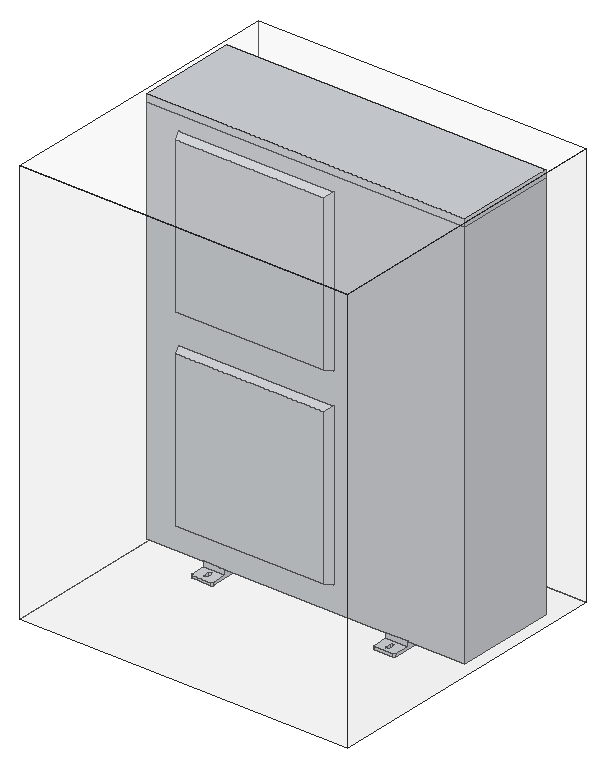
Revit family "puz-dhrmp80_140ka2_60hz", category 機械設備, Revit 2019
Family settings
  丸型コネクタ寸法 = 直径を使用
  パーツ タイプ = 標準
  OmniClass 番号 = 23.75.10.24.21.27.27
  OmniClass タイトル = Split System Air Conditioning Units
  作業面ベース = いいえ
  常に垂直 = はい
  ロード時にボイドで切り取り = いいえ
  共有 = いいえ
  部屋計算ポイント = いいえ
Parameters (values of type "室外機_PUZ-DHRMP80KA2 (-BS,BSG)")
  音響パワーレベル（冷）(dB) = 66
  音響パワーレベル(dB) = 68
  電源種別 = ""
  電源位置Y = 2 mm
  電源位置Z = 1063 mm
  電源位置X = 325 mm
  電圧 = 200 V
  電動機出力_送風機 = 0.12 kW
  電動機出力_圧縮機 = 1.5 kW
  集中コントローラ [instance] = ""
  運転質量 = 0.00 kg
  運転方法 = "冷暖切替"
  質量 = if(製品質量 > 運転質量, 製品質量, 運転質量) * 1.2  # 138.00 kg
  負荷分類 = 1_熱源類
  説明 = "空冷H/P PAC インバータ室外機"
  設計暖房能力 [instance] = 0 kW
  設計冷房能力_顕熱 [instance] = 0 kW
  設計冷房能力 [instance] = 0 kW
  設置方法 = "床置形"
  記号 [instance] = ""
  製造元 = "三菱電機株式会社"
  製品質量 = 115.00 kg
  製品出荷対象 = "国内"
  製品リリース年月 = ""
  製品グループ = ""
  系統 [instance] = ""
  符号 = "PAC"
  積算_科目 = "1 空気調和設備"
  積算_拾い区分 [instance] = ""
  相 = 3
  盤記号 [instance] = ""
  発停方法 = "付属スイッチ"
  特殊仕様 [instance] = ""
  消費電力_暖房 = 1.92 kW
  消費電力_冷房 = 1.77 kW
  消費電力 = if(消費電力_冷房 > 消費電力_暖房, 消費電力_冷房, 消費電力_暖房)  # 1.92 kW
  法定耐用年数 = "6"
  構成品番 = "PUZ-DHRMP80KA2 (-BS,-BSG)"
  極数 = 3
  材質 [instance] = ""
  本体マテリアル = none
  最小電線太さ_mm2 = 1.6
  最大電流値 = 0 A
  暖房能力 = 8 kW
  推奨ブレーカー容量 = 30 A
  据付ピッチ1 = 0 mm
  形式 = "パッケージ形 室外機"
  形名 = PUZ-ZRMP-3 : PUZ-ZRMP112KA11
  幹線記号 [instance] = ""
  始動方式 = "インバータ始動方式"
  呼称 = "パッケージ形空気調和機_室外機"
  周波数 = 60 Hz
  価格 = 0
  ドレン　位置Z = 23 mm
  ドレン　位置Y = 176 mm
  ドレン　位置X = 45 mm
  アンカーボルト位置Y = 370 mm
  アンカーボルト位置X = 600 mm
  参照している仕様書等のバージョン = "公共建築物標準仕様書（機械設備工事編）平成31年度版"
  分類コード = "50053003126100"
  分類グループ = ""
  冷房能力 = 7.1 kW
  冷媒管（ガス）位置X = 483 mm
  冷媒管（液）位置X = 423 mm
  冷媒管（液）位置Y = 290 mm
  冷媒管（ガス）位置Y = 234 mm
  冷媒管長 [instance] = 0 mm
  冷媒管径符号 = "Bd"
  冷媒管径 = 100.00 mm
  冷媒管位置Z = 450 mm
  冷媒管位置Y = (冷媒管（液）位置Y + 冷媒管（ガス）位置Y) / 2  # 262 mm
  冷媒管位置X = (冷媒管（液）位置X + 冷媒管（ガス）位置X) / 2  # 453 mm
  冷媒液管径 = 9.52 mm
  冷媒ガス管径 = 15.88 mm
  企業コード = "108420"
  付属品 [instance] = ""
  仕様書バージョン = "Version1.0"
  ユニット数 = 1
  Model = ""
  ドレン管径 = 33.00 mm
  サービススペース = yes
  コメント [instance] = ""
  ケーブル種類1 = ""
  【値が 0 の項目は組合せ形名にてご確認ください】 = ""
  Width = 1050 mm
  Version = ""
  Uniclass2015Version = "Systems v1.9"
  Uniclass2015Title = "Split coil remote air cooled condensing units"
  Uniclass2015Code = "Pr_70_65_03_84"
  URL = "https://www.mitsubishielectric.co.jp/ldg/wink/ssl/top.do"
  SpecificationReference = ""
  SpecificationDescription = ""
  Revision = ""
  ProductInformation = ""
  OmniClassCode = "23-33 17 13 11"
  IfcTypeProduct = ""
  IfcProduct = ""
  IfcExportType = "AIRCONDITIONINGUNIT"
  IfcExportAs = "IfcUnitaryEquipmentType"
  Height = 1338 mm
  Depth = 330 mm
  Clearance Top = 0 mm
  Clearance Right = 15 mm
  Clearance Left = 15 mm
  Clearance Front = 500 mm
  Clearance Bottom = 0 mm
  Clearance Back = 150 mm
  COP = 0
  Author = "三菱電機株式会社"
  APF = 0
Reference planes
  plane 1 "中心(正面/背面)": y = 74
  plane 2: z = 0
  plane 3 "中心(左/右)": x = 830
  plane 4 "右": x = 1355
  plane 5 "左": x = 305
  plane 6 "背面": y = 239
  plane 7 "正面": y = -91
  plane 8 "上部": z = 1338
  plane 9 "Clearanse Top": z = 1338
  plane 10 "SS_back": y = 389
  plane 11 "SS_front": y = -591
  plane 12 "SS_left": x = 290
  plane 13 "SS_right": x = 1370
  plane 14: z = 0
  plane 15: y = -89
  plane 16: x = 1155
  plane 17: z = 1063
  plane 18: y = -87
  plane 19: y = -23
  plane 20: x = 1283
  plane 21: z = 450
  plane 22: z = 452
  plane 23: y = 63
  plane 24: x = 350
  plane 25: z = 25
  plane 26: z = 23
  plane 27: x = 530
  plane 28: x = 1130
  plane 29: y = 259
  plane 30: y = -111
Forms (mm)
  Extrusion 1, solid, detail levels fine
    sketch origin (0, -91, 0) x (1, 0, 0) y (0, 0, 1)
      loop
        circle (1155, 1063) r 13.5
    from -4 to -2
  Extrusion 2, solid, detail levels fine
    sketch origin (-1437.329, -1524, 54) x (-1, 0, 0) y (0, -1, 0)
      loop
        circle (-2720.329, -1501) r 50
    from 396 to 398
  Extrusion 3, solid, detail levels fine
    sketch origin (-1437.329, -1524, 54) x (-1, 0, 0) y (0, -1, 0)
      loop
        circle (-1787.329, -1587) r 16.5
    from -31 to -29
Lines and regions (mm)
  model lines, not visible
    curve 1: line (460, 178.667, 1289.179) -> (460, 297.73, 1289.179)
    curve 2: line (460, 178.667, 1056.056) -> (460, 178.667, 1289.179)
    curve 3: line (460, 297.73, 1056.056) -> (460, 178.667, 1056.056)
    curve 4: line (460, 297.73, 1289.179) -> (460, 297.73, 1056.056)
    curve 5: line (460, 47.598, 1289.179) -> (460, 166.661, 1289.179)
    curve 6: line (460, 47.598, 1056.056) -> (460, 47.598, 1289.179)
    curve 7: line (460, 166.661, 1056.056) -> (460, 47.598, 1056.056)
    curve 8: line (460, 166.661, 1289.179) -> (460, 166.661, 1056.056)
    curve 9: line (460, -83.471, 1289.179) -> (460, 35.592, 1289.179)
    curve 10: line (460, -83.471, 1056.056) -> (460, -83.471, 1289.179)
    curve 11: line (460, 35.592, 1056.056) -> (460, -83.471, 1056.056)
    curve 12: line (460, 35.592, 1289.179) -> (460, 35.592, 1056.056)
    curve 13: line (460, -150.779, 1289.179) -> (460, -95.75, 1289.179)
    curve 14: line (460, -150.779, 1056.056) -> (460, -150.779, 1289.179)
    curve 15: line (460, -95.75, 1056.056) -> (460, -150.779, 1056.056)
    curve 16: line (460, -95.75, 1289.179) -> (460, -95.75, 1056.056)
    curve 17: line (460, -150.779, 1283.175) -> (460, -132.596, 1283.175)
    curve 18: line (460, -150.779, 1062.059) -> (460, -150.779, 1283.175)
    curve 19: line (460, -132.596, 1062.059) -> (460, -150.779, 1062.059)
    curve 20: line (460, -132.596, 1283.175) -> (460, -132.596, 1062.059)
    curve 21: line (460, 178.667, 1046.051) -> (460, 297.73, 1046.051)
    curve 22: line (460, 178.667, 812.928) -> (460, 178.667, 1046.051)
    curve 23: line (460, 297.73, 812.928) -> (460, 178.667, 812.928)
    curve 24: line (460, 297.73, 1046.051) -> (460, 297.73, 812.928)
    curve 25: line (460, 47.598, 1046.051) -> (460, 166.661, 1046.051)
    curve 26: line (460, 47.598, 812.928) -> (460, 47.598, 1046.051)
    curve 27: line (460, 166.661, 812.928) -> (460, 47.598, 812.928)
    curve 28: line (460, 166.661, 1046.051) -> (460, 166.661, 812.928)
    curve 29: line (460, -83.471, 1046.051) -> (460, 35.592, 1046.051)
    curve 30: line (460, -83.471, 812.928) -> (460, -83.471, 1046.051)
    curve 31: line (460, 35.592, 812.928) -> (460, -83.471, 812.928)
    curve 32: line (460, 35.592, 1046.051) -> (460, 35.592, 812.928)
    curve 33: line (460, -150.779, 1046.051) -> (460, -95.75, 1046.051)
    curve 34: line (460, -150.779, 812.928) -> (460, -150.779, 1046.051)
    curve 35: line (460, -95.75, 812.928) -> (460, -150.779, 812.928)
    curve 36: line (460, -95.75, 1046.051) -> (460, -95.75, 812.928)
    curve 37: line (460, -150.779, 1040.048) -> (460, -132.596, 1040.048)
    curve 38: line (460, -150.779, 818.931) -> (460, -150.779, 1040.048)
    curve 39: line (460, -132.596, 818.931) -> (460, -150.779, 818.931)
    curve 40: line (460, -132.596, 1040.048) -> (460, -132.596, 818.931)
    curve 41: line (460, 178.667, 802.923) -> (460, 297.73, 802.923)
    curve 42: line (460, 178.667, 569.8) -> (460, 178.667, 802.923)
    curve 43: line (460, 297.73, 569.8) -> (460, 178.667, 569.8)
    curve 44: line (460, 297.73, 802.923) -> (460, 297.73, 569.8)
    curve 45: line (460, 47.598, 802.923) -> (460, 166.661, 802.923)
    curve 46: line (460, 47.598, 569.8) -> (460, 47.598, 802.923)
    curve 47: line (460, 166.661, 569.8) -> (460, 47.598, 569.8)
    curve 48: line (460, 166.661, 802.923) -> (460, 166.661, 569.8)
    curve 49: line (460, -83.471, 802.923) -> (460, 35.592, 802.923)
    curve 50: line (460, -83.471, 569.8) -> (460, -83.471, 802.923)
    curve 51: line (460, 35.592, 569.8) -> (460, -83.471, 569.8)
    curve 52: line (460, 35.592, 802.923) -> (460, 35.592, 569.8)
    curve 53: line (460, -150.779, 802.923) -> (460, -95.75, 802.923)
    curve 54: line (460, -150.779, 569.8) -> (460, -150.779, 802.923)
    curve 55: line (460, -95.75, 569.8) -> (460, -150.779, 569.8)
    curve 56: line (460, -95.75, 802.923) -> (460, -95.75, 569.8)
    curve 57: line (460, -150.779, 796.92) -> (460, -132.596, 796.92)
    curve 58: line (460, -150.779, 575.803) -> (460, -150.779, 796.92)
    curve 59: line (460, -132.596, 575.803) -> (460, -150.779, 575.803)
    curve 60: line (460, -132.596, 796.92) -> (460, -132.596, 575.803)
    curve 61: line (460, 178.667, 559.795) -> (460, 297.73, 559.795)
    curve 62: line (460, 178.667, 326.672) -> (460, 178.667, 559.795)
    curve 63: line (460, 297.73, 326.672) -> (460, 178.667, 326.672)
    curve 64: line (460, 297.73, 559.795) -> (460, 297.73, 326.672)
    curve 65: line (460, 47.598, 559.795) -> (460, 166.661, 559.795)
    curve 66: line (460, 47.598, 326.672) -> (460, 47.598, 559.795)
    curve 67: line (460, 166.661, 326.672) -> (460, 47.598, 326.672)
    curve 68: line (460, 166.661, 559.795) -> (460, 166.661, 326.672)
    curve 69: line (460, -83.471, 559.795) -> (460, 35.592, 559.795)
    curve 70: line (460, -83.471, 326.672) -> (460, -83.471, 559.795)
    curve 71: line (460, 35.592, 326.672) -> (460, -83.471, 326.672)
    curve 72: line (460, 35.592, 559.795) -> (460, 35.592, 326.672)
    curve 73: line (460, -150.779, 559.795) -> (460, -95.75, 559.795)
    curve 74: line (460, -150.779, 326.672) -> (460, -150.779, 559.795)
    curve 75: line (460, -95.75, 326.672) -> (460, -150.779, 326.672)
    curve 76: line (460, -95.75, 559.795) -> (460, -95.75, 326.672)
    curve 77: line (460, -150.779, 553.792) -> (460, -132.596, 553.792)
    curve 78: line (460, -150.779, 332.675) -> (460, -150.779, 553.792)
    curve 79: line (460, -132.596, 332.675) -> (460, -150.779, 332.675)
    curve 80: line (460, -132.596, 553.792) -> (460, -132.596, 332.675)
    curve 81: line (460, 178.667, 316.667) -> (460, 297.73, 316.667)
    curve 82: line (460, 178.667, 83.544) -> (460, 178.667, 316.667)
    curve 83: line (460, 297.73, 83.544) -> (460, 178.667, 83.544)
    curve 84: line (460, 297.73, 316.667) -> (460, 297.73, 83.544)
    curve 85: line (460, 47.598, 316.667) -> (460, 166.661, 316.667)
    curve 86: line (460, 47.598, 83.544) -> (460, 47.598, 316.667)
    curve 87: line (460, 166.661, 83.544) -> (460, 47.598, 83.544)
    curve 88: line (460, 166.661, 316.667) -> (460, 166.661, 83.544)
    curve 89: line (460, -83.471, 316.667) -> (460, 35.592, 316.667)
    curve 90: line (460, -83.471, 83.544) -> (460, -83.471, 316.667)
    curve 91: line (460, 35.592, 83.544) -> (460, -83.471, 83.544)
    curve 92: line (460, 35.592, 316.667) -> (460, 35.592, 83.544)
    curve 93: line (460, -150.779, 316.667) -> (460, -95.75, 316.667)
    curve 94: line (460, -150.779, 83.544) -> (460, -150.779, 316.667)
    curve 95: line (460, -95.75, 83.544) -> (460, -150.779, 83.544)
    curve 96: line (460, -95.75, 316.667) -> (460, -95.75, 83.544)
    curve 97: line (460, -150.779, 310.664) -> (460, -132.596, 310.664)
    curve 98: line (460, -150.779, 89.547) -> (460, -150.779, 310.664)
    curve 99: line (460, -132.596, 89.547) -> (460, -150.779, 89.547)
    curve 100: line (460, -132.596, 310.664) -> (460, -132.596, 89.547)
Dimensions and locks
  equal spacing: plane 7 "正面", plane 1 "中心(正面/背面)", plane 6 "背面"
  "Depth": plane 7 "正面" to plane 6 "背面"
  "Width": plane 5 "左" to plane 4 "右"
  equal spacing: plane 5 "左", plane 3 "中心(左/右)", plane 4 "右"
  "Clearance Left": plane 12 "SS_left" to plane 5 "左"
  "Clearance Right": plane 4 "右" to plane 13 "SS_right"
  "Clearance Back": plane 6 "背面" to plane 10 "SS_back"
  "Clearance Front": plane 11 "SS_front" to plane 7 "正面"
  "Height": plane 8 "上部" to level
  "Clearance Top": plane 9 "Clearanse Top" to plane 8 "上部"
  "Clearance Bottom": level to plane 14
  "電源位置X": plane 3 "中心(左/右)" to plane 16
  "電源位置Y": plane 7 "正面" to plane 15
  "電源位置Z": plane 17 to level
  locked: plane 15 to plane 18 at 2
  "冷媒管位置X": plane 3 "中心(左/右)" to plane 20
  "冷媒管位置Y": plane 19 to plane 6 "背面"
  "冷媒管位置Z": plane 21 to level
  locked: plane 22 to plane 21 at 2
  "ドレン　位置X": plane 5 "左" to plane 24
  "ドレン　位置Y": plane 23 to plane 6 "背面"
  locked: plane 25 to plane 26 at 2
  "ドレン　位置Z": plane 26 to level
  equal spacing: plane 30, plane 1 "中心(正面/背面)", plane 29
  "アンカーボルト位置Y": plane 30 to plane 29
  equal spacing: plane 27, plane 3 "中心(左/右)", plane 28
  "アンカーボルト位置X": plane 27 to plane 28
  radius of Extrusion 1 sketch curve = 13.5 mm
  "冷媒管径": diameter of Extrusion 2 sketch curve
  "ドレン管径": diameter of Extrusion 3 sketch curve
  aligned and locked: level to plane 2
  aligned and locked: plane 10 "SS_back" to nested 1  (x2)
  aligned and locked: plane 13 "SS_right" to nested 1
  aligned and locked: plane 12 "SS_left" to nested 1  (x2)
  aligned and locked: nested 1 to plane 13 "SS_right"
  aligned and locked: plane 11 "SS_front" to nested 1
  aligned and locked: plane 9 "Clearanse Top" to nested 1
  aligned and locked: plane 1 "中心(正面/背面)" to nested 2
  aligned and locked: plane 3 "中心(左/右)" to nested 2
  aligned and locked: plane 14 to nested 1
  aligned and locked: plane 17 to Extrusion 1 sketch curve
  aligned and locked: plane 16 to Extrusion 1 sketch curve
  aligned and locked: Extrusion 1 to plane 18
  aligned and locked: plane 15 to Extrusion 1
  aligned and locked: plane 19 to Extrusion 2 sketch curve
  aligned and locked: plane 20 to Extrusion 2 sketch curve
  aligned and locked: plane 22 to Extrusion 2
  aligned and locked: Extrusion 2 to plane 21
  aligned and locked: plane 24 to Extrusion 3 sketch curve
  aligned and locked: plane 23 to Extrusion 3 sketch curve
  aligned and locked: plane 25 to Extrusion 3
  aligned and locked: Extrusion 3 to plane 26
  aligned and locked: plane 27 to nested 3
  aligned and locked: plane 29 to nested 3
Nested families
  nested 1: "サービススペース" at (830, -101, 669), visible <- "サービススペース", type "サービススペース"
    with Width 1080 mm, Height 1338 mm, Depth 980 mm
  nested 2: "PUZ-ZRMP-3" at (830, 74, 0), type <- "形名", type "PUZ-ZRMP112KA11"
  nested 3: "固定点" at (530, -111, 0), type "固定点"
    with W 600 mm, D 370 mm
Connectors
  piping at (1283, -23, 450), diameter 100, driven by "冷媒管径", driven by "冷媒管径符号"
    settings: on Extrusion 2, index 1, connector inside diameter 609.60 mm, connector length 0 mm, flow factor 0, pipe flow 0.0 L/s, pressure drop 0.0 Pa, fitting loss kfactor 0, connector angle 0.00°, fixture units 0, engagement length 0 mm, angle of deflection 0.00°, flow configuration 1, flow direction 2, fitting loss method 4, system type 7, joint type 0, gender type 0, connector reference index -1, connector utility 0, adjustable connector no, is connector primary yes, connector description "Bd"
  electrical at (1155, -89, 1063), driven by "極数", driven by "負荷分類", driven by "電圧", driven by "消費電力"
    settings: on Extrusion 1, index 2, voltage 200 V, apparent load 1920 VA, apparent load phase1 0 VA, apparent load phase2 0 VA, apparent load phase3 0 VA, power factor 1, load classification "1_熱源類", number of poles 3, system type 30, power factor state 1, is connector primary yes, connector utility no, sub classification motor no, connector description ""
Definition of nested family "サービススペース"
  Parameters (values of type "サービススペース")
    Width [instance] = 500 mm
    Height [instance] = 500 mm
    Depth [instance] = 500 mm
  Reference planes
    plane 1 "中心(正面/背面)": y = 0
    plane 2: z = 0
    plane 3 "中心(左/右)": x = 0
    plane 4: y = -250
    plane 5: x = 250
    plane 6: y = 250
    plane 7: x = -250
    plane 8: z = 250
    plane 9: z = -250
  Forms (mm)
    Extrusion 1, solid
      sketch origin (-638.939, 0, 72.39) x (1, 0, 0) y (0, 1, 0)
        loop
          line (388.939, 250) -> (388.939, -250) -> (888.939, -250) -> (888.939, 250) -> (388.939, 250)
      from -322.39 to 177.61
  Lines and regions (mm)
    symbolic lines
      curve 1: line (-250, 0, 250) -> (250, 0, 250)
      curve 2: line (-250, 0, -250) -> (-250, 0, 250)
      curve 3: line (250, 0, -250) -> (-250, 0, -250)
      curve 4: line (250, 0, 250) -> (250, 0, -250)
      curve 5: line (0, -250, 250) -> (0, 250, 250)
      curve 6: line (0, -250, -250) -> (0, -250, 250)
      curve 7: line (0, 250, -250) -> (0, -250, -250)
      curve 8: line (0, 250, 250) -> (0, 250, -250)
      curve 9: line (-250, 250, 0) -> (250, 250, 0)
      curve 10: line (-250, -250, 0) -> (-250, 250, 0)
      curve 11: line (250, -250, 0) -> (-250, -250, 0)
      curve 12: line (250, 250, 0) -> (250, -250, 0)
  Dimensions and locks
    equal spacing: plane 7, plane 3 "中心(左/右)", plane 5
    equal spacing: plane 4, plane 1 "中心(正面/背面)", plane 6
    "Depth": plane 4 to plane 6
    "Width": plane 7 to plane 5
    equal spacing: plane 8, plane 2, plane 9
    "Height": plane 8 to plane 9
    aligned and locked: plane 9 to curve 3
    aligned and locked: plane 7 to curve 2
    aligned and locked: curve 4 to plane 5
    aligned and locked: plane 5 to Extrusion 1
    aligned and locked: Extrusion 1 to plane 7
    aligned and locked: Extrusion 1 to plane 9
    aligned and locked: plane 8 to Extrusion 1
    aligned and locked: plane 9 to curve 7
  Automatic sketch dimensions
    plane 4 to Extrusion 1 sketch curve = 0 mm
    Extrusion 1 sketch curve to plane 7 = 0 mm
    Extrusion 1 sketch curve to plane 5 = 0 mm
    plane 6 to Extrusion 1 sketch curve = 0 mm
    curve 2 to plane 8 = 0 mm
    plane 4 to curve 11 = 0 mm
    curve 11 to plane 7 = 0 mm
    curve 11 to plane 5 = 0 mm
    plane 6 to curve 10 = 0 mm
    curve 7 to plane 4 = 0 mm
    curve 7 to plane 6 = 0 mm
    curve 6 to plane 8 = 0 mm
Definition of nested family "PUZ-ZRMP-3"
  Parameters (values of type "PUZ-ZRMP112KA11")
    配線取出口サイズ = 27 mm
    配線取出口-Z = 1063 mm
    配線取出口-Y = 325 mm
    配線取出口-X = 325 mm
    液配管サイズ = 100 mm
    高さ = 1338 mm
    換気-W = 362 mm
    換気-H2 = 632 mm
    換気-H1 = 369 mm
    換気-D = 25 mm
    奥行き = 330 mm
    吊りボルト_H = 0 mm
    吊りボルト-φ = 12 mm
    冷媒配管サイズ = 9.52 mm
    冷媒液管径-Z = 450 mm
    冷媒液管径-Y = 290 mm
    冷媒液管径-X = 423 mm
    冷媒ガス管径-Z = 421 mm
    冷媒ガス管径-Y = 234 mm
    冷媒ガス管径-X = 483 mm
    吊りボルト-W = 600 mm
    マテリアル = none
    ドレン配管サイズ = 33 mm
    ドレン管径-Z = 0 mm
    ドレン管径-Y = 154 mm
    ドレン管径-X = 480 mm
    タイプ3 = yes
    タイプ2 = no
    タイプ1 = no
    ガス配管サイズ = 15.88 mm
    吊りボルト-D = 370 mm
    幅さ = 1050 mm
    a = 幅さ / 2  # 525 mm
  Reference planes
    plane 1 "中心(正面/背面)": y = 0
    plane 2: z = 0
    plane 3 "中心(左/右)": x = 0
    plane 4: z = 1338
    plane 5: x = -525
    plane 6: x = 525
    plane 7: y = 165
    plane 8: y = -165
    plane 9: x = 587
    plane 10: y = -105
    plane 11: y = 5
    plane 12: z = 1313
    plane 13: x = -545
    plane 14: x = -300
    plane 15: x = 300
    plane 16: y = 185
    plane 17: y = -185
    plane 18: x = 335
    plane 19: x = 265
    plane 20: x = -265
    plane 21: x = -335
    plane 22: y = 204
    plane 23: y = -218
    plane 24: z = 8.5
    plane 25: z = 25
    plane 26: z = 23
    plane 27: z = 1333
    plane 28: y = -40
    plane 29: y = 40
    plane 30: y = -30
    plane 31: y = 30
    plane 32: z = 1318
    plane 33: z = 55
    plane 34: z = 225
    plane 35: z = 570
    plane 36: x = 535
    plane 37: x = 556
    plane 38: y = -190
    plane 39: x = -163
    plane 40: z = 369
    plane 41: x = 91
    plane 42: x = -417
    plane 43: z = 633
    plane 44: z = 105
    plane 45: x = -407
    plane 46: x = 81
    plane 47: z = 623
    plane 48: z = 115
    plane 49: y = 115
    plane 50: y = -115
    plane 51: x = -480
    plane 52: y = -11
    plane 53: x = 483
    plane 54: x = 325
    plane 55: y = -160
    plane 56: y = -125
    plane 57: y = -69
    plane 58: x = 423
    plane 59: z = 421
    plane 60: z = 450
    plane 61: z = 1063
    plane 62: y = -110
    plane 63: z = 550
    plane 64: z = 550
    plane 65: x = 453
    plane 66: y = -97
    plane 67 "グループ": x = -525
    plane 68: z = 1338
    plane 69: z = 943
    plane 70: z = 1001
    plane 71: z = 1265
    plane 72: z = 737
    plane 73: z = 1255
    plane 74: z = 747
    plane 75: y = 125
    plane 76: x = -370
    plane 77: x = -210
    plane 78: x = -50
    plane 79: x = 110
  Forms (mm)
    Extrusion 1, solid, visible <- "タイプ3", detail levels fine
      sketch origin (-1437.329, -1524, 1338) x (-1, 0, 0) y (0, -1, 0)
        loop
          line (-1102.329, -1689) -> (-1102.329, -1359) -> (-1172.329, -1359) -> (-1172.329, -1689) -> (-1102.329, -1689)
        loop
          line (-1702.329, -1689) -> (-1702.329, -1359) -> (-1772.329, -1359) -> (-1772.329, -1689) -> (-1702.329, -1689)
      from -1338 to -1313
    Extrusion 2, solid, material <- "マテリアル", visible <- "タイプ3", detail levels fine
      sketch origin (-1437.329, -1524, 1338) x (-1, 0, 0) y (0, -1, 0)
        loop
          line (-1962.329, -1689) -> (-912.329, -1689) -> (-912.329, -1359) -> (-1962.329, -1359) -> (-1962.329, -1689)
      from -1313 to -25
    Extrusion 3, solid, material <- "マテリアル", visible <- "タイプ3", detail levels fine
      sketch origin (-1437.329, -1524, 1338) x (-1, 0, 0) y (0, -1, 0)
        loop
          line (-912.329, -1689) -> (-912.329, -1359) -> (-1962.329, -1359) -> (-1962.329, -1689) -> (-912.329, -1689)
      from -25 to 0
    Blend 4, solid, material <- "マテリアル", visible <- "タイプ3", detail levels fine
      base sketch origin (0, 0, 0) x (1, 0, 0) y (0, 0, 1)
        loop
          line (-417, 633) -> (-417, 105) -> (91, 105) -> (91, 633) -> (-417, 633)
      top sketch origin (0, 0, 0) x (1, 0, 0) y (0, 0, 1)
        loop
          line (-407, 623) -> (-407, 115) -> (81, 115) -> (81, 623) -> (-407, 623)
      from 165 to 190
    Extrusion 5, solid, material <- "マテリアル", visible <- "タイプ3", detail levels fine
      sketch origin (-1437.329, -1524, 1338) x (-1, 0, 0) y (0, -1, 0)
        loop
          circle (-1920.329, -1455) r 7.94
      from -917 to -788
    Extrusion 6, solid, material <- "マテリアル", visible <- "タイプ3", detail levels fine
      sketch origin (-1437.329, -1524, 1338) x (-1, 0, 0) y (0, -1, 0)
        loop
          circle (-1860.329, -1399) r 4.76
      from -888 to -788
    Extrusion 7, solid, material <- "マテリアル", visible <- "タイプ3", detail levels fine
      sketch origin (1480.036, -190, 1200) x (1, 0, 0) y (0, 0, 1)
        loop
          circle (-1155.036, -137) r 13.5
      from -80 to -30
    Extrusion 8, solid, material <- "マテリアル", visible <- "タイプ3", detail levels fine
      sketch origin (-1437.329, -1524, 1338) x (-1, 0, 0) y (0, -1, 0)
        loop
          circle (-1890.329, -1427) r 50
      from -888 to -788
    Blend 9, solid, material <- "マテリアル", visible <- "タイプ3", detail levels fine
      base sketch origin (1480.036, -190, 1200) x (1, 0, 0) y (0, 0, 1)
        loop
          line (-1897.036, 65) -> (-1897.036, -463) -> (-1389.036, -463) -> (-1389.036, 65) -> (-1897.036, 65)
      top sketch origin (1480.036, -190, 1200) x (1, 0, 0) y (0, 0, 1)
        loop
          line (-1887.036, 55) -> (-1887.036, -453) -> (-1399.036, -453) -> (-1399.036, 55) -> (-1887.036, 55)
      from -25 to 0
    Extrusion 10, solid, visible <- "タイプ3", detail levels fine
      sketch origin (-1437.329, -1524, 1338) x (-1, 0, 0) y (0, -1, 0)
        loop
          line (-1102.329, -1728) -> (-1102.329, -1689) -> (-1172.329, -1689) -> (-1172.329, -1728) -> (-1143.329, -1728) -> (-1143.329, -1709)
          arc (-1143.329, -1709) -> (-1137.329, -1703) -> (-1131.329, -1709) r 6
          line (-1131.329, -1709) -> (-1131.329, -1728) -> (-1102.329, -1728)
        loop
          line (-1102.329, -1359) -> (-1102.329, -1311)
          arc (-1102.329, -1311) -> (-1103.794, -1307.464) -> (-1107.329, -1306) r 5
          line (-1107.329, -1306) -> (-1167.329, -1306)
          arc (-1167.329, -1306) -> (-1170.865, -1307.464) -> (-1172.329, -1311) r 5
          line (-1172.329, -1311) -> (-1172.329, -1359) -> (-1102.329, -1359)
        loop
          arc (-1143.329, -1339) -> (-1137.329, -1345) -> (-1131.329, -1339) r 6
          line (-1131.329, -1339) -> (-1131.329, -1324)
          arc (-1131.329, -1324) -> (-1137.329, -1318) -> (-1143.329, -1324) r 6
          line (-1143.329, -1324) -> (-1143.329, -1339)
        loop
          line (-1772.329, -1728) -> (-1743.329, -1728) -> (-1743.329, -1709)
          arc (-1743.329, -1709) -> (-1737.329, -1703) -> (-1731.329, -1709) r 6
          line (-1731.329, -1709) -> (-1731.329, -1728) -> (-1702.329, -1728) -> (-1702.329, -1689) -> (-1772.329, -1689) -> (-1772.329, -1728)
        loop
          line (-1772.329, -1359) -> (-1702.329, -1359) -> (-1702.329, -1311)
          arc (-1702.329, -1311) -> (-1703.794, -1307.464) -> (-1707.329, -1306) r 5
          line (-1707.329, -1306) -> (-1767.329, -1306)
          arc (-1767.329, -1306) -> (-1770.865, -1307.464) -> (-1772.329, -1311) r 5
          line (-1772.329, -1311) -> (-1772.329, -1359)
        loop
          line (-1731.329, -1339) -> (-1731.329, -1324)
          arc (-1731.329, -1324) -> (-1737.329, -1318) -> (-1743.329, -1324) r 6
          line (-1743.329, -1324) -> (-1743.329, -1339)
          arc (-1743.329, -1339) -> (-1737.329, -1345) -> (-1731.329, -1339) r 6
      from -1338 to -1329.5
    Extrusion 11, solid, material <- "マテリアル", visible <- "タイプ3", detail levels fine
      sketch origin (-1437.329, -1524, 1338) x (-1, 0, 0) y (0, -1, 0)
        loop
          circle (-957.329, -1513) r 16.5
        loop
          circle (-1067.329, -1649) r 16.5
        loop
          circle (-1227.329, -1649) r 16.5
        loop
          circle (-1387.329, -1649) r 16.5
        loop
          circle (-1547.329, -1649) r 16.5
      from -1315 to -1313
  Cuts and joins
    joined: Extrusion 1, Extrusion 10
  Lines and regions (mm)
    Masking region 1, visible <- "タイプ3", detail levels coarse+medium
      outline origin (-1437.329, -1524, 1338) x (-1, 0, 0) y (0, -1, 0)
        loop
          line (-1962.329, -1689) -> (-1772.329, -1689) -> (-1772.329, -1728) -> (-1702.329, -1728) -> (-1702.329, -1689) -> (-1172.329, -1689) -> (-1172.329, -1728) -> (-1102.329, -1728) -> (-1102.329, -1689) -> (-912.329, -1689) -> (-912.329, -1359) -> (-1020.329, -1359) -> (-1030.329, -1334) -> (-1102.329, -1334) -> (-1102.329, -1306) -> (-1172.329, -1306) -> (-1172.329, -1334) -> (-1518.329, -1334) -> (-1528.329, -1359) -> (-1702.329, -1359) -> (-1702.329, -1306) -> (-1772.329, -1306) -> (-1772.329, -1359) -> (-1962.329, -1359) -> (-1962.329, -1689)
    model lines, visible <- "タイプ3", detail levels fine
      curve 1: line (447, 115, 1338) -> (-445, 115, 1338)
      curve 2: line (-445, -115, 1338) -> (447, -115, 1338)
      curve 3: line (-445, -45, 1338) -> (447, -45, 1338)
      curve 4: line (447, 45, 1338) -> (-445, 45, 1338)
      curve 5: line (-445, -35, 1338) -> (447, -35, 1338)
      curve 6: line (447, 35, 1338) -> (-445, 35, 1338)
      curve 7: line (-445, 115, 1338) -> (-445, 45, 1338)
      curve 8: line (447, -115, 1338) -> (447, -45, 1338)
      curve 9: line (-445, 35, 1338) -> (-445, -35, 1338)
      curve 10: line (-445, -45, 1338) -> (-445, -115, 1338)
      curve 11: line (447, -35, 1338) -> (447, 35, 1338)
      curve 12: line (447, 45, 1338) -> (447, 115, 1338)
      curve 13: line (479, -115, 1338) -> (479, 115, 1338)
      curve 14: line (462, -115, 1338) -> (462, 115, 1338)
      curve 15: line (-475, 115, 1338) -> (-475, -115, 1338)
      curve 16: line (-460, 115, 1338) -> (-460, -115, 1338)
      curve 17: line (-460, 115, 1338) -> (-475, 115, 1338)
      curve 18: line (-460, -115, 1338) -> (-475, -115, 1338)
      curve 19: line (462, 115, 1338) -> (479, 115, 1338)
      curve 20: line (462, -115, 1338) -> (479, -115, 1338)
      curve 21: line (-407, -190, 416.5) -> (81, -190, 416.5)
      curve 22: line (81, -190, 321.5) -> (-407, -190, 321.5)
      curve 23: line (-407, -190, 511.5) -> (81, -190, 511.5)
      curve 24: line (-407, -190, 606.5) -> (81, -190, 606.5)
      curve 25: line (81, -190, 226.5) -> (-407, -190, 226.5)
      curve 26: line (81, -190, 131.5) -> (-407, -190, 131.5)
      curve 27: line (-389.571, -190, 623) -> (-389.571, -190, 115)
      curve 28: line (63.571, -190, 115) -> (63.571, -190, 623)
      curve 29: line (-372.143, -190, 623) -> (-372.143, -190, 115)
      curve 30: line (-354.714, -190, 623) -> (-354.714, -190, 115)
      curve 31: line (-337.286, -190, 623) -> (-337.286, -190, 115)
      curve 32: line (-319.857, -190, 623) -> (-319.857, -190, 115)
      curve 33: line (-302.429, -190, 623) -> (-302.429, -190, 115)
      curve 34: line (-285, -190, 623) -> (-285, -190, 115)
      curve 35: line (-267.571, -190, 623) -> (-267.571, -190, 115)
      curve 36: line (-250.143, -190, 623) -> (-250.143, -190, 115)
      curve 37: line (-232.714, -190, 623) -> (-232.714, -190, 115)
      curve 38: line (-215.286, -190, 623) -> (-215.286, -190, 115)
      curve 39: line (-197.857, -190, 623) -> (-197.857, -190, 115)
      curve 40: line (-180.429, -190, 623) -> (-180.429, -190, 115)
      curve 41: line (-163, -190, 623) -> (-163, -190, 115)
      curve 42: line (-145.571, -190, 623) -> (-145.571, -190, 115)
      curve 43: line (-128.143, -190, 623) -> (-128.143, -190, 115)
      curve 44: line (-110.714, -190, 623) -> (-110.714, -190, 115)
      curve 45: line (-93.286, -190, 623) -> (-93.286, -190, 115)
      curve 46: line (-75.857, -190, 623) -> (-75.857, -190, 115)
      curve 47: line (-58.429, -190, 623) -> (-58.429, -190, 115)
      curve 48: line (-41, -190, 623) -> (-41, -190, 115)
      curve 49: line (-23.571, -190, 623) -> (-23.571, -190, 115)
      curve 50: line (-6.143, -190, 623) -> (-6.143, -190, 115)
      curve 51: line (11.286, -190, 623) -> (11.286, -190, 115)
      curve 52: line (28.714, -190, 623) -> (28.714, -190, 115)
      curve 53: line (46.143, -190, 623) -> (46.143, -190, 115)
      curve 54: line (-525, -100, 87) -> (-525, -60, 87)
      curve 55: line (-525, -100, 277) -> (-525, -100, 87)
      curve 56: line (-525, -60, 277) -> (-525, -100, 277)
      curve 57: line (-525, -60, 87) -> (-525, -60, 277)
      curve 58: line (-525, -100, 292) -> (-525, -60, 292)
      curve 59: line (-525, -100, 482) -> (-525, -100, 292)
      curve 60: line (-525, -60, 482) -> (-525, -100, 482)
      curve 61: line (-525, -60, 292) -> (-525, -60, 482)
      curve 62: line (-525, -100, 497) -> (-525, -60, 497)
      curve 63: line (-525, -100, 687) -> (-525, -100, 497)
      curve 64: line (-525, -60, 687) -> (-525, -100, 687)
      curve 65: line (-525, -60, 497) -> (-525, -60, 687)
      curve 66: line (-525, -100, 702) -> (-525, -60, 702)
      curve 67: line (-525, -100, 892) -> (-525, -100, 702)
      curve 68: line (-525, -60, 892) -> (-525, -100, 892)
      curve 69: line (-525, -60, 702) -> (-525, -60, 892)
      curve 70: line (-525, 60, 87) -> (-525, 100, 87)
      curve 71: line (-525, 60, 277) -> (-525, 60, 87)
      curve 72: line (-525, 100, 277) -> (-525, 60, 277)
      curve 73: line (-525, 100, 87) -> (-525, 100, 277)
      curve 74: line (-525, -46.667, 87) -> (-525, -6.667, 87)
      curve 75: line (-525, -46.667, 277) -> (-525, -46.667, 87)
      curve 76: line (-525, -6.667, 277) -> (-525, -46.667, 277)
      curve 77: line (-525, -6.667, 87) -> (-525, -6.667, 277)
      curve 78: line (-525, 6.667, 87) -> (-525, 46.667, 87)
      curve 79: line (-525, 6.667, 277) -> (-525, 6.667, 87)
      curve 80: line (-525, 46.667, 277) -> (-525, 6.667, 277)
      curve 81: line (-525, 46.667, 87) -> (-525, 46.667, 277)
      curve 82: line (-525, 60, 292) -> (-525, 100, 292)
      curve 83: line (-525, 60, 482) -> (-525, 60, 292)
      curve 84: line (-525, 100, 482) -> (-525, 60, 482)
      curve 85: line (-525, 100, 292) -> (-525, 100, 482)
      curve 86: line (-525, 60, 702) -> (-525, 100, 702)
      curve 87: line (-525, 60, 892) -> (-525, 60, 702)
      curve 88: line (-525, 100, 892) -> (-525, 60, 892)
      curve 89: line (-525, 100, 702) -> (-525, 100, 892)
      curve 90: line (-525, -46.667, 292) -> (-525, -6.667, 292)
      curve 91: line (-525, -46.667, 482) -> (-525, -46.667, 292)
      curve 92: line (-525, -6.667, 482) -> (-525, -46.667, 482)
      curve 93: line (-525, -6.667, 292) -> (-525, -6.667, 482)
      curve 94: line (-525, -46.667, 497) -> (-525, -6.667, 497)
      curve 95: line (-525, -46.667, 687) -> (-525, -46.667, 497)
      curve 96: line (-525, -6.667, 687) -> (-525, -46.667, 687)
      curve 97: line (-525, -6.667, 497) -> (-525, -6.667, 687)
      curve 98: line (-525, -46.667, 702) -> (-525, -6.667, 702)
      curve 99: line (-525, -46.667, 892) -> (-525, -46.667, 702)
      curve 100: line (-525, -6.667, 892) -> (-525, -46.667, 892)
      curve 101: line (-525, -6.667, 702) -> (-525, -6.667, 892)
      curve 102: line (-525, 6.667, 292) -> (-525, 46.667, 292)
      curve 103: line (-525, 6.667, 482) -> (-525, 6.667, 292)
      curve 104: line (-525, 46.667, 482) -> (-525, 6.667, 482)
      curve 105: line (-525, 46.667, 292) -> (-525, 46.667, 482)
      curve 106: line (-525, 6.667, 497) -> (-525, 46.667, 497)
      curve 107: line (-525, 6.667, 687) -> (-525, 6.667, 497)
      curve 108: line (-525, 46.667, 687) -> (-525, 6.667, 687)
      curve 109: line (-525, 46.667, 497) -> (-525, 46.667, 687)
      curve 110: line (-525, 6.667, 702) -> (-525, 46.667, 702)
      curve 111: line (-525, 6.667, 892) -> (-525, 6.667, 702)
      curve 112: line (-525, 46.667, 892) -> (-525, 6.667, 892)
      curve 113: line (-525, 46.667, 702) -> (-525, 46.667, 892)
      curve 114: line (-525, -100, 907) -> (-525, -60, 907)
      curve 115: line (-525, -100, 1097) -> (-525, -100, 907)
      curve 116: line (-525, -60, 1097) -> (-525, -100, 1097)
      curve 117: line (-525, -60, 907) -> (-525, -60, 1097)
      curve 118: line (-525, 60, 907) -> (-525, 100, 907)
      curve 119: line (-525, 60, 1097) -> (-525, 60, 907)
      curve 120: line (-525, 100, 1097) -> (-525, 60, 1097)
      curve 121: line (-525, 100, 907) -> (-525, 100, 1097)
      curve 122: line (-525, -46.667, 907) -> (-525, -6.667, 907)
      curve 123: line (-525, -46.667, 1097) -> (-525, -46.667, 907)
      curve 124: line (-525, -6.667, 1097) -> (-525, -46.667, 1097)
      curve 125: line (-525, -6.667, 907) -> (-525, -6.667, 1097)
      curve 126: line (-525, 6.667, 907) -> (-525, 46.667, 907)
      curve 127: line (-525, 6.667, 1097) -> (-525, 6.667, 907)
      curve 128: line (-525, 46.667, 1097) -> (-525, 6.667, 1097)
      curve 129: line (-525, 46.667, 907) -> (-525, 46.667, 1097)
      curve 130: line (-525, -100, 1112) -> (-525, -60, 1112)
      curve 131: line (-525, -100, 1302) -> (-525, -100, 1112)
      curve 132: line (-525, -60, 1302) -> (-525, -100, 1302)
      curve 133: line (-525, -60, 1112) -> (-525, -60, 1302)
      curve 134: line (-525, 60, 1112) -> (-525, 100, 1112)
      curve 135: line (-525, 60, 1302) -> (-525, 60, 1112)
      curve 136: line (-525, 100, 1302) -> (-525, 60, 1302)
      curve 137: line (-525, 100, 1112) -> (-525, 100, 1302)
      curve 138: line (-525, -46.667, 1112) -> (-525, -6.667, 1112)
      curve 139: line (-525, -46.667, 1302) -> (-525, -46.667, 1112)
      curve 140: line (-525, -6.667, 1302) -> (-525, -46.667, 1302)
      curve 141: line (-525, -6.667, 1112) -> (-525, -6.667, 1302)
      curve 142: line (-525, 6.667, 1112) -> (-525, 46.667, 1112)
      curve 143: line (-525, 6.667, 1302) -> (-525, 6.667, 1112)
      curve 144: line (-525, 46.667, 1302) -> (-525, 6.667, 1302)
      curve 145: line (-525, 46.667, 1112) -> (-525, 46.667, 1302)
      curve 303: line (81, -190, 1238.5) -> (-407, -190, 1238.5)
      curve 304: line (-407, -190, 763.5) -> (81, -190, 763.5)
      curve 305: line (-389.571, -190, 1255) -> (-389.571, -190, 747)
      curve 306: line (81, -190, 858.5) -> (-407, -190, 858.5)
      curve 307: line (81, -190, 1143.5) -> (-407, -190, 1143.5)
      curve 308: line (81, -190, 1048.5) -> (-407, -190, 1048.5)
      curve 309: line (-407, -190, 953.5) -> (81, -190, 953.5)
      curve 310: line (-372.143, -190, 1255) -> (-372.143, -190, 747)
      curve 311: line (-354.714, -190, 1255) -> (-354.714, -190, 747)
      curve 312: line (-337.286, -190, 1255) -> (-337.286, -190, 747)
      curve 313: line (-319.857, -190, 1255) -> (-319.857, -190, 747)
      curve 314: line (-302.429, -190, 1255) -> (-302.429, -190, 747)
      curve 315: line (-285, -190, 1255) -> (-285, -190, 747)
      curve 316: line (-267.571, -190, 1255) -> (-267.571, -190, 747)
      curve 317: line (-250.143, -190, 1255) -> (-250.143, -190, 747)
      curve 318: line (-232.714, -190, 1255) -> (-232.714, -190, 747)
      curve 319: line (-215.286, -190, 1255) -> (-215.286, -190, 747)
      curve 320: line (-197.857, -190, 1255) -> (-197.857, -190, 747)
      curve 321: line (-180.429, -190, 1255) -> (-180.429, -190, 747)
      curve 322: line (-163, -190, 1255) -> (-163, -190, 747)
      curve 323: line (-145.571, -190, 1255) -> (-145.571, -190, 747)
      curve 324: line (-128.143, -190, 1255) -> (-128.143, -190, 747)
      curve 325: line (-110.714, -190, 1255) -> (-110.714, -190, 747)
      curve 326: line (-93.286, -190, 1255) -> (-93.286, -190, 747)
      curve 327: line (-75.857, -190, 1255) -> (-75.857, -190, 747)
      curve 328: line (-58.429, -190, 1255) -> (-58.429, -190, 747)
      curve 329: line (-41, -190, 1255) -> (-41, -190, 747)
      curve 330: line (-23.571, -190, 1255) -> (-23.571, -190, 747)
      curve 331: line (-6.143, -190, 1255) -> (-6.143, -190, 747)
      curve 332: line (11.286, -190, 1255) -> (11.286, -190, 747)
      curve 333: line (28.714, -190, 1255) -> (28.714, -190, 747)
      curve 334: line (46.143, -190, 1255) -> (46.143, -190, 747)
      curve 335: line (63.571, -190, 1255) -> (63.571, -190, 747)
    model lines, visible <- "タイプ3", not visible, detail levels fine
      curve 146: line (-525, -100, 907) -> (-525, -60, 907)
      curve 147: line (-525, -100, 1097) -> (-525, -100, 907)
      curve 148: line (-525, -60, 1097) -> (-525, -100, 1097)
      curve 149: line (-525, -60, 907) -> (-525, -60, 1097)
      curve 150: line (-525, 60, 907) -> (-525, 100, 907)
      curve 151: line (-525, 60, 1097) -> (-525, 60, 907)
      curve 152: line (-525, 100, 1097) -> (-525, 60, 1097)
      curve 153: line (-525, 100, 907) -> (-525, 100, 1097)
      curve 154: line (-525, -46.667, 907) -> (-525, -6.667, 907)
      curve 155: line (-525, -46.667, 1097) -> (-525, -46.667, 907)
      curve 156: line (-525, -6.667, 1097) -> (-525, -46.667, 1097)
      curve 157: line (-525, -6.667, 907) -> (-525, -6.667, 1097)
      curve 158: line (-525, 6.667, 907) -> (-525, 46.667, 907)
      curve 159: line (-525, 6.667, 1097) -> (-525, 6.667, 907)
      curve 160: line (-525, 46.667, 1097) -> (-525, 6.667, 1097)
      curve 161: line (-525, 46.667, 907) -> (-525, 46.667, 1097)
      curve 162: line (-525, -100, 1112) -> (-525, -60, 1112)
      curve 163: line (-525, -100, 1302) -> (-525, -100, 1112)
      curve 164: line (-525, -60, 1302) -> (-525, -100, 1302)
      curve 165: line (-525, -60, 1112) -> (-525, -60, 1302)
      curve 166: line (-525, 60, 1112) -> (-525, 100, 1112)
      curve 167: line (-525, 60, 1302) -> (-525, 60, 1112)
      curve 168: line (-525, 100, 1302) -> (-525, 60, 1302)
      curve 169: line (-525, 100, 1112) -> (-525, 100, 1302)
      curve 170: line (-525, -46.667, 1112) -> (-525, -6.667, 1112)
      curve 171: line (-525, -46.667, 1302) -> (-525, -46.667, 1112)
      curve 172: line (-525, -6.667, 1302) -> (-525, -46.667, 1302)
      curve 173: line (-525, -6.667, 1112) -> (-525, -6.667, 1302)
      curve 174: line (-525, 6.667, 1112) -> (-525, 46.667, 1112)
      curve 175: line (-525, 6.667, 1302) -> (-525, 6.667, 1112)
      curve 176: line (-525, 46.667, 1302) -> (-525, 6.667, 1302)
      curve 177: line (-525, 46.667, 1112) -> (-525, 46.667, 1302)
      curve 194: line (-525, -100, 87) -> (-525, -60, 87)
      curve 195: line (-525, -100, 277) -> (-525, -100, 87)
      curve 196: line (-525, -60, 277) -> (-525, -100, 277)
      curve 197: line (-525, -60, 87) -> (-525, -60, 277)
      curve 198: line (-525, -100, 292) -> (-525, -60, 292)
      curve 199: line (-525, -100, 482) -> (-525, -100, 292)
      curve 200: line (-525, -60, 482) -> (-525, -100, 482)
      curve 201: line (-525, -60, 292) -> (-525, -60, 482)
      curve 202: line (-525, -100, 497) -> (-525, -60, 497)
      curve 203: line (-525, -100, 687) -> (-525, -100, 497)
      curve 204: line (-525, -60, 687) -> (-525, -100, 687)
      curve 205: line (-525, -60, 497) -> (-525, -60, 687)
      curve 206: line (-525, -100, 702) -> (-525, -60, 702)
      curve 207: line (-525, -100, 892) -> (-525, -100, 702)
      curve 208: line (-525, -60, 892) -> (-525, -100, 892)
      curve 209: line (-525, -60, 702) -> (-525, -60, 892)
      curve 210: line (-525, 60, 87) -> (-525, 100, 87)
      curve 211: line (-525, 60, 277) -> (-525, 60, 87)
      curve 212: line (-525, 100, 277) -> (-525, 60, 277)
      curve 213: line (-525, 100, 87) -> (-525, 100, 277)
      curve 214: line (-525, -46.667, 87) -> (-525, -6.667, 87)
      curve 215: line (-525, -46.667, 277) -> (-525, -46.667, 87)
      curve 216: line (-525, -6.667, 277) -> (-525, -46.667, 277)
      curve 217: line (-525, -6.667, 87) -> (-525, -6.667, 277)
      curve 218: line (-525, 6.667, 87) -> (-525, 46.667, 87)
      curve 219: line (-525, 6.667, 277) -> (-525, 6.667, 87)
      curve 220: line (-525, 46.667, 277) -> (-525, 6.667, 277)
      curve 221: line (-525, 46.667, 87) -> (-525, 46.667, 277)
      curve 222: line (-525, 60, 292) -> (-525, 100, 292)
      curve 223: line (-525, 60, 482) -> (-525, 60, 292)
      curve 224: line (-525, 100, 482) -> (-525, 60, 482)
      curve 225: line (-525, 100, 292) -> (-525, 100, 482)
      curve 226: line (-525, 60, 702) -> (-525, 100, 702)
      curve 227: line (-525, 60, 892) -> (-525, 60, 702)
      curve 228: line (-525, 100, 892) -> (-525, 60, 892)
      curve 229: line (-525, 100, 702) -> (-525, 100, 892)
      curve 230: line (-525, -46.667, 292) -> (-525, -6.667, 292)
      curve 231: line (-525, -46.667, 482) -> (-525, -46.667, 292)
      curve 232: line (-525, -6.667, 482) -> (-525, -46.667, 482)
      curve 233: line (-525, -6.667, 292) -> (-525, -6.667, 482)
      curve 234: line (-525, -46.667, 497) -> (-525, -6.667, 497)
      curve 235: line (-525, -46.667, 687) -> (-525, -46.667, 497)
      curve 236: line (-525, -6.667, 687) -> (-525, -46.667, 687)
      curve 237: line (-525, -6.667, 497) -> (-525, -6.667, 687)
      curve 238: line (-525, -46.667, 702) -> (-525, -6.667, 702)
      curve 239: line (-525, -46.667, 892) -> (-525, -46.667, 702)
      curve 240: line (-525, -6.667, 892) -> (-525, -46.667, 892)
      curve 241: line (-525, -6.667, 702) -> (-525, -6.667, 892)
      curve 242: line (-525, 6.667, 292) -> (-525, 46.667, 292)
      curve 243: line (-525, 6.667, 482) -> (-525, 6.667, 292)
      curve 244: line (-525, 46.667, 482) -> (-525, 6.667, 482)
      curve 245: line (-525, 46.667, 292) -> (-525, 46.667, 482)
      curve 246: line (-525, 6.667, 497) -> (-525, 46.667, 497)
      curve 247: line (-525, 6.667, 687) -> (-525, 6.667, 497)
      curve 248: line (-525, 46.667, 687) -> (-525, 6.667, 687)
      curve 249: line (-525, 46.667, 497) -> (-525, 46.667, 687)
      curve 250: line (-525, 6.667, 702) -> (-525, 46.667, 702)
      curve 251: line (-525, 6.667, 892) -> (-525, 6.667, 702)
      curve 252: line (-525, 46.667, 892) -> (-525, 6.667, 892)
      curve 253: line (-525, 46.667, 702) -> (-525, 46.667, 892)
    model lines, visible <- "タイプ2", not visible
      curve 178: line (-600, -100, 33.5) -> (-600, -60, 33.5)
      curve 179: line (-600, -100, 73.5) -> (-600, -100, 33.5)
      curve 180: line (-600, -60, 73.5) -> (-600, -100, 73.5)
      curve 181: line (-600, -60, 33.5) -> (-600, -60, 73.5)
      curve 182: line (-600, 60, 33.5) -> (-600, 100, 33.5)
      curve 183: line (-600, 60, 73.5) -> (-600, 60, 33.5)
      curve 184: line (-600, 100, 73.5) -> (-600, 60, 73.5)
      curve 185: line (-600, 100, 33.5) -> (-600, 100, 73.5)
      curve 186: line (-509, -46.667, 33.5) -> (-509, -6.667, 33.5)
      curve 187: line (-509, -46.667, 73.5) -> (-509, -46.667, 33.5)
      curve 188: line (-509, -6.667, 73.5) -> (-509, -46.667, 73.5)
      curve 189: line (-509, -6.667, 33.5) -> (-509, -6.667, 73.5)
      curve 190: line (-509, 6.667, 33.5) -> (-509, 46.667, 33.5)
      curve 191: line (-509, 6.667, 73.5) -> (-509, 6.667, 33.5)
      curve 192: line (-509, 46.667, 73.5) -> (-509, 6.667, 73.5)
      curve 193: line (-509, 46.667, 33.5) -> (-509, 46.667, 73.5)
      curve 287: line (-404.5, -100, 33.5) -> (-404.5, -60, 33.5)
      curve 288: line (-404.5, -100, 73.5) -> (-404.5, -100, 33.5)
      curve 289: line (-404.5, -60, 73.5) -> (-404.5, -100, 73.5)
      curve 290: line (-404.5, -60, 33.5) -> (-404.5, -60, 73.5)
      curve 291: line (-404.5, 60, 33.5) -> (-404.5, 100, 33.5)
      curve 292: line (-404.5, 60, 73.5) -> (-404.5, 60, 33.5)
      curve 293: line (-404.5, 100, 73.5) -> (-404.5, 60, 73.5)
      curve 294: line (-404.5, 100, 33.5) -> (-404.5, 100, 73.5)
      curve 295: line (-404.5, -46.667, 33.5) -> (-404.5, -6.667, 33.5)
      curve 296: line (-404.5, -46.667, 73.5) -> (-404.5, -46.667, 33.5)
      curve 297: line (-404.5, -6.667, 73.5) -> (-404.5, -46.667, 73.5)
      curve 298: line (-404.5, -6.667, 33.5) -> (-404.5, -6.667, 73.5)
      curve 299: line (-404.5, 6.667, 33.5) -> (-404.5, 46.667, 33.5)
      curve 300: line (-404.5, 6.667, 73.5) -> (-404.5, 6.667, 33.5)
      curve 301: line (-404.5, 46.667, 73.5) -> (-404.5, 6.667, 73.5)
      curve 302: line (-404.5, 46.667, 33.5) -> (-404.5, 46.667, 73.5)
    model lines, not visible
      curve 254: line (-338.5, -173.2, 372.5) -> (149.5, -173.2, 372.5)
      curve 255: line (149.5, -173.2, 277.5) -> (-338.5, -173.2, 277.5)
      curve 256: line (-338.5, -173.2, 467.5) -> (149.5, -173.2, 467.5)
      curve 257: line (-338.5, -173.2, 562.5) -> (149.5, -173.2, 562.5)
      curve 258: line (149.5, -173.2, 182.5) -> (-338.5, -173.2, 182.5)
      curve 259: line (149.5, -173.2, 87.5) -> (-338.5, -173.2, 87.5)
      curve 260: line (-321.071, -173.2, 579) -> (-321.071, -173.2, 71)
      curve 261: line (132.071, -173.2, 71) -> (132.071, -173.2, 579)
      curve 262: line (-303.643, -173.2, 579) -> (-303.643, -173.2, 71)
      curve 263: line (-286.214, -173.2, 579) -> (-286.214, -173.2, 71)
      curve 264: line (-268.786, -173.2, 579) -> (-268.786, -173.2, 71)
      curve 265: line (-251.357, -173.2, 579) -> (-251.357, -173.2, 71)
      curve 266: line (-233.929, -173.2, 579) -> (-233.929, -173.2, 71)
      curve 267: line (-216.5, -173.2, 579) -> (-216.5, -173.2, 71)
      curve 268: line (-199.071, -173.2, 579) -> (-199.071, -173.2, 71)
      curve 269: line (-181.643, -173.2, 579) -> (-181.643, -173.2, 71)
      curve 270: line (-164.214, -173.2, 579) -> (-164.214, -173.2, 71)
      curve 271: line (-146.786, -173.2, 579) -> (-146.786, -173.2, 71)
      curve 272: line (-129.357, -173.2, 579) -> (-129.357, -173.2, 71)
      curve 273: line (-111.929, -173.2, 579) -> (-111.929, -173.2, 71)
      curve 274: line (-94.5, -173.2, 579) -> (-94.5, -173.2, 71)
      curve 275: line (-77.071, -173.2, 579) -> (-77.071, -173.2, 71)
      curve 276: line (-59.643, -173.2, 579) -> (-59.643, -173.2, 71)
      curve 277: line (-42.214, -173.2, 579) -> (-42.214, -173.2, 71)
      curve 278: line (-24.786, -173.2, 579) -> (-24.786, -173.2, 71)
      curve 279: line (-7.357, -173.2, 579) -> (-7.357, -173.2, 71)
      curve 280: line (10.071, -173.2, 579) -> (10.071, -173.2, 71)
      curve 281: line (27.5, -173.2, 579) -> (27.5, -173.2, 71)
      curve 282: line (44.929, -173.2, 579) -> (44.929, -173.2, 71)
      curve 283: line (62.357, -173.2, 579) -> (62.357, -173.2, 71)
      curve 284: line (79.786, -173.2, 579) -> (79.786, -173.2, 71)
      curve 285: line (97.214, -173.2, 579) -> (97.214, -173.2, 71)
      curve 286: line (114.643, -173.2, 579) -> (114.643, -173.2, 71)
    symbolic lines, visible <- "タイプ3"
      curve 336: line (-344.073, 165, 1338) -> (-525, 165, 1338)
      curve 337: line (-525, 165, 1338) -> (-525, -165, 1338)
      curve 338: line (-525, -165, 1338) -> (-323.037, -165, 1338)
      curve 339: line (-417, -165, 1338) -> (-407, -190, 1338)
      curve 340: line (-407, -190, 1338) -> (-357.105, -190, 1338)
      curve 341: line (-335, -190, 1338) -> (-335, -218, 1338)
      curve 342: line (-335, -218, 1338) -> (-265, -218, 1338)
      curve 343: line (-265, -218, 1338) -> (-265, -190, 1338)
      curve 344: line (-357.105, -190, 1338) -> (81, -190, 1338)
      curve 345: line (81, -190, 1338) -> (91, -165, 1338)
      curve 346: line (-323.037, -165, 1338) -> (300.043, -165, 1338)
      curve 347: line (265, -165, 1338) -> (265, -218, 1338)
      curve 348: line (265, -218, 1338) -> (335, -218, 1338)
      curve 349: line (335, -218, 1338) -> (335, -165, 1338)
      curve 350: line (300.043, -165, 1338) -> (525, -165, 1338)
      curve 351: line (525, -165, 1338) -> (525, 165, 1338)
      curve 352: line (525, 165, 1338) -> (363.157, 165, 1338)
      curve 353: line (335, 165, 1338) -> (335, 204, 1338)
      curve 354: line (335, 204, 1338) -> (265, 204, 1338)
      curve 355: line (265, 204, 1338) -> (265, 165, 1338)
      curve 356: line (363.157, 165, 1338) -> (-344.073, 165, 1338)
      curve 357: line (-265, 165, 1338) -> (-265, 204, 1338)
      curve 358: line (-265, 204, 1338) -> (-335, 204, 1338)
      curve 359: line (-335, 204, 1338) -> (-335, 165, 1338)
      curve 360: line (-475, 115, 1338) -> (-460, 115, 1338)
      curve 361: line (-475, -115, 1338) -> (-475, 115, 1338)
      curve 362: line (-460, -115, 1338) -> (-475, -115, 1338)
      curve 363: line (-460, 115, 1338) -> (-460, -115, 1338)
      curve 364: line (-445, 115, 1338) -> (447, 115, 1338)
      curve 365: line (-445, 45, 1338) -> (-445, 115, 1338)
      curve 366: line (447, 45, 1338) -> (-445, 45, 1338)
      curve 367: line (447, 115, 1338) -> (447, 45, 1338)
      curve 368: line (447, 35, 1338) -> (-445, 35, 1338)
      curve 369: line (447, -35, 1338) -> (447, 35, 1338)
      curve 370: line (-445, -35, 1338) -> (447, -35, 1338)
      curve 371: line (-445, 35, 1338) -> (-445, -35, 1338)
      curve 372: line (-445, -45, 1338) -> (447, -45, 1338)
      curve 373: line (-445, -115, 1338) -> (-445, -45, 1338)
      curve 374: line (447, -115, 1338) -> (-445, -115, 1338)
      curve 375: line (447, -45, 1338) -> (447, -115, 1338)
      curve 376: line (462, -115, 1338) -> (479, -115, 1338)
      curve 377: line (462, 115, 1338) -> (462, -115, 1338)
      curve 378: line (479, 115, 1338) -> (462, 115, 1338)
      curve 379: line (479, -115, 1338) -> (479, 115, 1338)
  Dimensions and locks
    equal spacing: plane 8, plane 1 "中心(正面/背面)", plane 7
    "奥行き": plane 8 to plane 7
    equal spacing: plane 5, plane 3 "中心(左/右)", plane 6
    "幅さ": plane 5 to plane 6
    "高さ": plane 4 to level
    locked: plane 6 to plane 9 at 62
    locked: plane 8 to plane 10 at 60
    locked: plane 8 to plane 11 at 170
    locked: plane 4 to plane 12 at 25
    locked: plane 13 to plane 5 at 20
    "吊りボルト-D": plane 17 to plane 16
    equal spacing: plane 17, plane 1 "中心(正面/背面)", plane 16
    equal spacing: plane 14, plane 3 "中心(左/右)", plane 15
    "吊りボルト-W": plane 14 to plane 15
    plane 21 to plane 14 to plane 20 = 35 mm locked, 35 mm locked
    plane 19 to plane 15 to plane 18 = 35 mm locked, 35 mm locked
    locked: plane 16 to plane 22 at 19
    locked: plane 23 to plane 17 at 33
    locked: plane 24 to level at 8.5
    plane 25 to level = 25 mm
    locked: plane 4 to plane 27 at 5
    plane 7 to plane 1 "中心(正面/背面)" to plane 8 = 165 mm, 165 mm
    plane 29 to plane 1 "中心(正面/背面)" to plane 28 = 40 mm, 40 mm
    plane 31 to plane 1 "中心(正面/背面)" to plane 30 = 30 mm, 30 mm
    locked: plane 32 to plane 12 at 5
    locked: plane 33 to level at 55
    locked: plane 34 to level at 225
    equal spacing: plane 6, plane 37, plane 9
    locked: plane 6 to plane 36 at 10
    "換気-D": plane 38 to plane 8
    "換気-W": plane 39 to plane 5
    "換気-H1": plane 40 to level
    plane 41 to plane 39 to plane 42 = 254 mm locked, 254 mm locked
    plane 43 to plane 40 to plane 44 = 264 mm locked, 264 mm locked
    locked: plane 41 to plane 46 at 10
    locked: plane 45 to plane 42 at 10
    locked: plane 43 to plane 47 at 10
    locked: plane 48 to plane 44 at 10
    locked: curve 26 to plane 48 at 16.5
    locked: plane 47 to curve 24 at 16.5
    equal spacing: curve 24, curve 23, curve 21, curve 22, curve 25, curve 26
    equal spacing: plane 46, curve 28, curve 53, curve 52, curve 51, curve 50, curve 49, curve 48, curve 47, curve 46, curve 45, curve 44, curve 43, curve 42, curve 41, curve 40, curve 39, curve 38, curve 37, curve 36, curve 35, curve 34, curve 33, curve 32, curve 31, curve 30, curve 29, curve 27, plane 45
    locked: curve 4 to curve 6 at 10
    locked: curve 3 to curve 5 at 10
    locked: plane 49 to plane 7 at 50
    locked: plane 8 to plane 50 at 50
    "ドレン管径-Y": plane 8 to plane 52
    "配線取出口-Y": plane 55 to plane 7
    "冷媒液管径-Y": plane 56 to plane 7
    "冷媒ガス管径-Y": plane 57 to plane 7
    "配線取出口-X": plane 3 "中心(左/右)" to plane 54
    "冷媒ガス管径-X": plane 3 "中心(左/右)" to plane 53
    "冷媒液管径-X": plane 3 "中心(左/右)" to plane 58
    "冷媒液管径-Z": plane 60 to level
    "冷媒ガス管径-Z": plane 59 to level
    "配線取出口-Z": plane 61 to level
    locked: plane 55 to plane 62 at 50
    plane 63 to plane 59 = 129 mm
    locked: plane 64 to plane 60 at 100
    equal spacing: plane 58, plane 65, plane 53
    equal spacing: plane 56, plane 66, plane 57
    "a": plane 67 "グループ" to plane 3 "中心(左/右)"
    plane 69 to level = 943 mm
    plane 68 to level = 1338 mm
    locked: plane 35 to level at 570
    curve 21 to plane 40 to curve 22 = 47.5 mm locked, 47.5 mm locked
    "換気-H2": plane 70 to plane 40
    plane 71 to plane 70 to plane 72 = 264 mm locked, 264 mm locked
    locked: plane 74 to plane 72 at 10
    locked: plane 71 to plane 73 at 10
    locked: plane 73 to curve 303 at 16.5
    locked: curve 304 to plane 74 at 16.5
    equal spacing: curve 303, curve 307, curve 308, curve 309, curve 306, curve 304
    equal spacing: plane 46, curve 335, curve 334, curve 333, curve 332, curve 331, curve 330, curve 329, curve 328, curve 327, curve 326, curve 325, curve 324, curve 323, curve 322, curve 321, curve 320, curve 319, curve 318, curve 317, curve 316, curve 315, curve 314, curve 313, curve 312, curve 311, curve 310, curve 305, plane 45
    locked: plane 25 to plane 26 at 2
    "ドレン管径-X": plane 51 to plane 3 "中心(左/右)"
    locked: plane 52 to plane 75 at 136
    plane 51 to plane 76 to plane 77 to plane 78 to plane 79 = 110 mm locked, 160 mm locked, 160 mm locked, 160 mm locked
    "ガス配管サイズ": diameter of Extrusion 5 sketch curve
    "冷媒配管サイズ": diameter of Extrusion 6 sketch curve
    "配線取出口サイズ": diameter of Extrusion 7 sketch curve
    "液配管サイズ": diameter of Extrusion 8 sketch curve
    "ドレン配管サイズ": diameter of Extrusion 11 sketch curve  (x5)
    aligned and locked: level to plane 2
    aligned and locked: Extrusion 1 to level
    aligned and locked: plane 25 to Extrusion 1
    aligned and locked: Extrusion 2 sketch curve to plane 7
    aligned and locked: Extrusion 2 sketch curve to plane 8
    aligned and locked: Extrusion 2 sketch curve to plane 5
    aligned and locked: Extrusion 2 sketch curve to plane 6
    aligned and locked: Extrusion 2 to plane 25
    aligned and locked: plane 12 to Extrusion 2
    aligned and locked: Extrusion 3 sketch curve to Extrusion 2  (x4)
    aligned and locked: Extrusion 3 to plane 12
    aligned and locked: plane 4 to Extrusion 3
    aligned and locked: Blend 4 sketch curve to plane 43
    aligned and locked: Blend 4 sketch curve to plane 44
    aligned and locked: Blend 4 sketch curve to plane 42
    aligned and locked: Blend 4 sketch curve to plane 41
    aligned and locked: Blend 4 sketch curve to plane 47
    aligned and locked: Blend 4 sketch curve to plane 45
    aligned and locked: Blend 4 sketch curve to plane 46
    aligned and locked: Blend 4 sketch curve to plane 48
    aligned and locked: Blend 4 to plane 8
    aligned and locked: plane 38 to Blend 4
    aligned and locked: curve 17 to plane 49
    aligned and locked: curve 1 to plane 49
    aligned and locked: plane 49 to curve 19
    aligned and locked: curve 18 to plane 50
    aligned and locked: plane 50 to curve 2
    aligned and locked: plane 50 to curve 20
